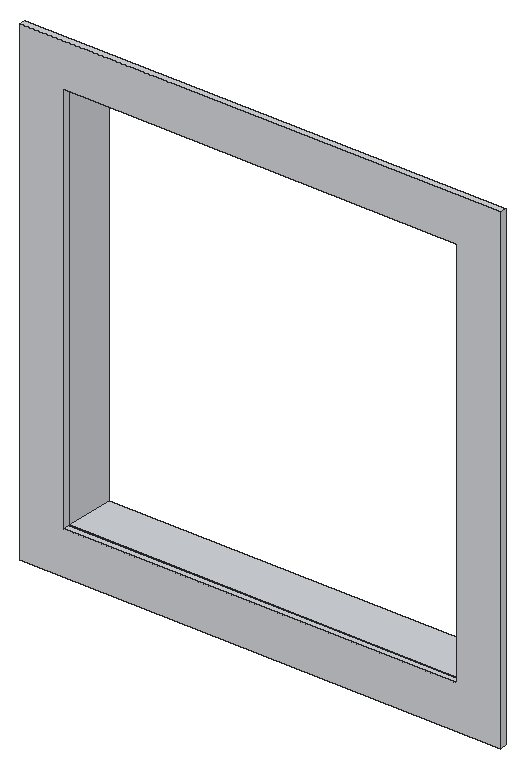
Revit family
Parameters
  URL = "http://www.anemostat.com"
  Opposed Blade Damper = no
  Model = "S Series Grille with OBD"
  Manufacturer = "Anemostat"
  Overall Width = Grille Width User Defined + 1 13/16"  # 13 13/16"
  Overall Height = Grille Height User Defined + 1 13/16"  # 13 13/16"
  Grille Width User Defined = 12"
  Grille Height User Defined = 12"
  Back of Grille = if(Opposed Blade Damper, 3 11/16", 1 7/16")  # 1 7/16"
Reference planes (in)
  plane 1 "Center (Front/Back)": y = 0
  plane 2: z = 0
  plane 3 "Center (Left/Right)": x = 0
  plane 4: x = -6.90625
  plane 5: x = 6.90625
  plane 6: z = 13.8125
  plane 7 "Back of Grille": y = 1.4375
Forms (in)
  Sweep 1, solid
    path origin (0, 0, 0) x (1, 0, 0) y (0, 0, 1)
      loop
        line (6.90625, 0) -> (6.90625, 13.8125) -> (-6.90625, 13.8125) -> (-6.90625, 0) -> (6.90625, 0)
    profile origin (0, 0, 0) x (0, 0, -1) y (0, -1, 0)
      loop
        line (0, 0.188) -> (-1.25, 0.188) -> (-1.25, 0) -> (-1.219, 0) -> (-1.219, 0.157) -> (-0.031, 0.157) -> (-0.031, 0) -> (0, 0) -> (0, 0.188)
  Extrusion 2, solid
    sketch origin (0, 0, 0) x (1, 0, 0) y (0, 0, 1)
      loop
        line (5.68725, 12.5935) -> (-5.68725, 12.5935) -> (-5.68725, 1.219) -> (5.68725, 1.219) -> (5.68725, 12.5935)
    from 0 to -1.4375 <- "Back of Grille"
  Extrusion 3, void
    sketch origin (0, 0, 0) x (1, 0, 0) y (0, 0, 1)
      loop
        line (5.65625, 12.5625) -> (-5.65625, 12.5625) -> (-5.65625, 1.25) -> (5.65625, 1.25) -> (5.65625, 12.5625)
    from 0 to -1.4375 <- "Back of Grille"
Cuts and joins
  Extrusion 3 cuts Sweep 1
  Extrusion 3 cuts Extrusion 2
Dimensions and locks (in)
  equal spacing: plane 5, plane 3 "Center (Left/Right)", plane 4
  "Overall Width": plane 5 to plane 4
  "Overall Height": plane 6 to level
  "Back of Grille": plane 7 "Back of Grille" to plane 1 "Center (Front/Back)"
  aligned and locked: plane 5 to Sweep 1 sketch curve
  aligned and locked: level to Sweep 1 sketch curve
  aligned and locked: plane 6 to Sweep 1 sketch curve
  aligned and locked: plane 4 to Sweep 1 sketch curve
  aligned and locked: Sweep 1 to plane 1 "Center (Front/Back)"
  aligned and locked: Extrusion 2 sketch curve to Sweep 1  (x4)
  aligned and locked: Extrusion 2 to plane 7 "Back of Grille"
  aligned and locked: Extrusion 3 sketch curve to Sweep 1  (x3)
  aligned and locked: Sweep 1 to Extrusion 3 sketch curve
  aligned and locked: Extrusion 3 to plane 7 "Back of Grille"
Automatic sketch dimensions
  Sweep 1 sketch curve to plane 1 "Center (Front/Back)" = 0"  (x2)
  Sweep 1 sketch curve to profile plane = 0"
  profile plane to Sweep 1 sketch curve = 0.031"
  Sweep 1 sketch curve to Sweep 1 sketch curve = 1.188"
  Sweep 1 sketch curve to Sweep 1 sketch curve = 0.031"  (x2)
  Sweep 1 sketch curve to Sweep 1 sketch curve = 0.157"
Connectors (in)
  hvac at (0, 1.4375, 6.90625), driven by "Grille Width User Defined", driven by "Grille Height User Defined"
    settings: on cut or joined group of Extrusion 2, Extrusion 3, index 1
